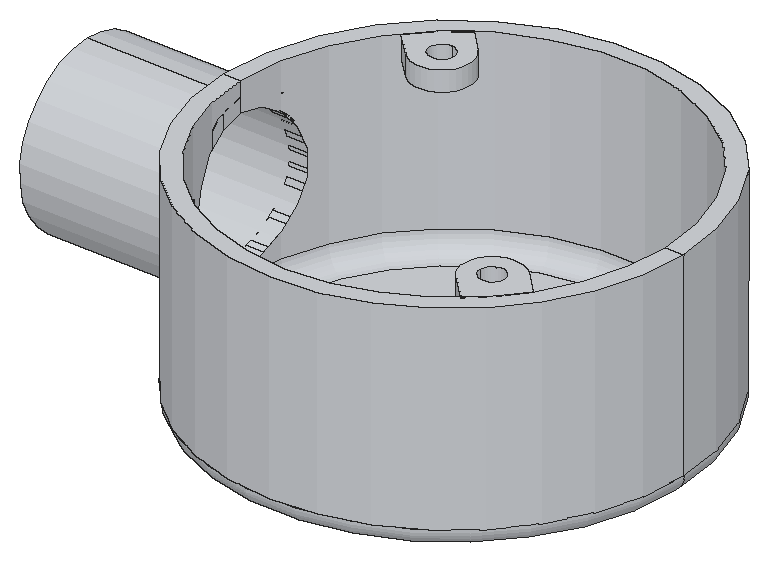
Revit family "MB1G", category Generic Models, Revit 2017
Family settings
  Can host rebar = No
  Round Connector Dimension = Use Diameter
  Part Type = Normal
  Work Plane-Based = Yes
  Always vertical = No
  Cut with Voids When Loaded = No
  Shared = No
  Room Calculation Point = No
Parameters (values of type "NBS Standard Parameters")
  Weight = "0.226Kg"
  WarrantyStartDate [instance] = "1900-12-31T23:59:59"
  WarrantyGuarantorParts = "n/a"
  WarrantyGuarantorLabor = "n/a"
  WarrantyDurationUnit = "1 year"
  WarrantyDurationParts = "n/a"
  WarrantyDurationLabor = "n/a"
  WarrantyDescription = "n/a"
  Version = "1"
  Uniclass2 = "Pr_65_70_11_20"
  TagNumber [instance] = "n/a"
  SustainabilityPerformance = ""
  Size = "20mm"
  Shape = "Circular"
  SerialNumber [instance] = "n/a"
  Revision = "n/a"
  ReplacementCost = "n/a"
  ProductInformation = "www.metpro.co.uk/pdf/mb1g.pdf"
  NominalWidth = 66 mm
  NominalLength = 66 mm
  NominalHeight = 30 mm
  Name = ""
  NBSTypeID = ""
  NBSReference = "90-55-10/460"
  NBSOfficeMasterTag = ""
  NBSNote = ""
  NBSDescription = "Conduit Fittings"
  NBSCertification = ""
  ModelReference = "MB1G"
  ModelNumber = "n/a"
  Material = "Malleable Iron"
  ManufacturerURL = "www.metpro.co.uk"
  ManufacturerName = "Metpro ltd"
  Keynote = "Compliant to LU standard 1-085"
  InstallationDate [instance] = "1900-12-31T23:59:59"
  IfcExportType = ""
  IfcExportAs = ""
  Grade = "n/a"
  Finish = "Galvanised"
  Features = "n/a"
  ExpectedLife = "n/a"
  DurationUnit = "year"
  Description = "MB1G - 20mm Terminal Malleable Conduit Box"
  Default Elevation = 1219.2 mm
  Constituents = "n/a"
  Color = "n/a"
  CodePerformance = "n/a"
  Category = "n/a"
  BarCode [instance] = "n/a"
  BIMObjectName = "Metpro_metprolibrary_Conduitfittings_Metalcomponents_Malleablecircularbox"
  Author = "Metpro Ltd"
  AssetType = ""
  AssetIdentifier [instance] = "n/a"
  AccessibilityPerformance = "n/a"
Reference planes
  plane 1 "Center (Front/Back)": y = 0
  plane 2: z = 0
  plane 3 "Center (Left/Right)": x = 0
Forms (mm)
  Revolve 1, solid
    sketch origin (48.178, 99.234, -25.271) x (1, 0, 0) y (0, 0, 1)
      loop
        line (-32.5, 40.541) -> (-32.5, 12.5)
        arc (-32.5, 12.5) -> (-31.768, 10.732) -> (-30, 10) r 2.5
        line (-30, 10) -> (0, 10) -> (0, 12.541) -> (-27, 12.541)
        arc (-27, 12.541) -> (-29.121, 13.42) -> (-30, 15.541) r 3
        line (-30, 15.541) -> (-30, 40.541) -> (-32.5, 40.541)
      axis (0, 10) -> (0, 40.541)
    angle from 0 to 360
  Extrusion 2, solid
    sketch origin (48.178, 99.234, 15.271) x (0, 1, 0) y (-1, 0, 0)
      loop
        arc (-13.805, -21.577) -> (-13.887, -16.02) -> (-19.441, -15.821) r 4.033
        line (-19.441, -15.821) -> (-22.946, -19.326)
        arc (-22.946, -19.326) -> (-20.14, -22.235) -> (-16.968, -24.74) r 30
        line (-16.968, -24.74) -> (-13.805, -21.577)
      loop
        circle (-16.769, -18.842) r 1.752
      loop
        line (21.577, 13.805) -> (24.74, 16.968)
        arc (24.74, 16.968) -> (22.235, 20.14) -> (19.326, 22.946) r 30
        line (19.326, 22.946) -> (15.821, 19.441)
        arc (15.821, 19.441) -> (16.02, 13.887) -> (21.577, 13.805) r 4.033
      loop
        circle (18.842, 16.769) r 1.752
    from -2.782 to 0
  Extrusion 3, void
    sketch origin (48.178, 99.234, -25.271) x (0, 0, 1) y (0, -1, 0)
      loop
        circle (26.504, 0.168) r 10
    from -50.363 to -22.121
  Extrusion 4, solid
    sketch origin (46.678, 99.234, -24.021) x (0, 0, 1) y (0, 1, 0)
      loop
        circle (25.254, -0.168) r 10
      loop
        circle (25.254, -0.168) r 12
    from 24.792 to 50
  Extrusion 5, void
    sketch origin (48.178, 99.234, 15.271) x (-1, 0, 0) y (0, 1, 0)
      loop
        arc (20.625, -21.785) -> (27.557, -11.858) -> (30, 0) r 30
        arc (30, 0) -> (28.797, 8.412) -> (25.283, 16.148) r 30
        line (25.283, 16.148) -> (20.625, -21.785)
    from 0 to 28.793
Cuts and joins
  Extrusion 3 cuts Revolve 1
  Extrusion 3, Extrusion 5 cuts Extrusion 4
Dimensions and locks
  aligned and locked: level to plane 2
